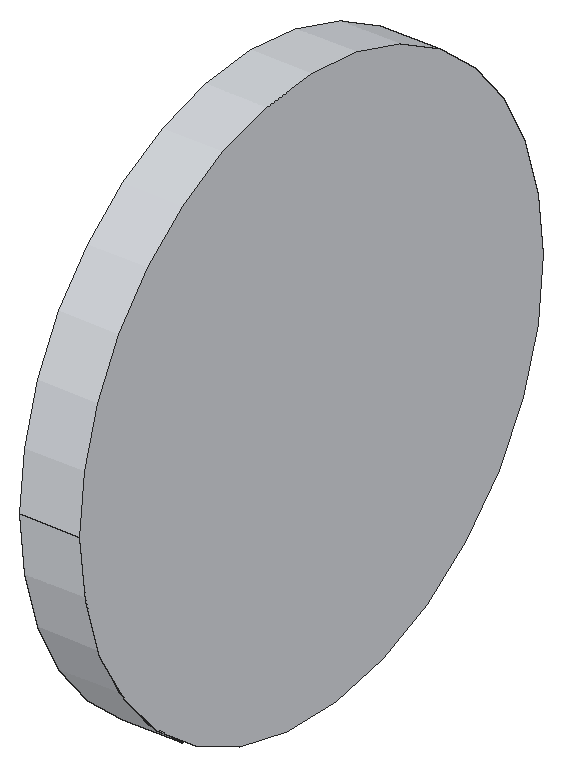
Revit family "77ea37b5e5ec40e5b5466f0ed6518568", category Pipe Fittings, Revit 2021
Family settings
  Round Connector Dimension = Use Radius
  Part Type = Flange
  OmniClass Number = 23.60.30.11.14
  OmniClass Title = Pipework Fittings
  Seek Item ID = Flange - Threaded - GI - Class 250-0000-USA-ENU
  Work Plane-Based = No
  Always vertical = Yes
  Cut with Voids When Loaded = No
  Shared = No
Parameters (values of type "Standard")
  Tick Size [instance] = Flange Diameter * 0.4  # 3.6000"
  Nominal Radius [instance] = 2.0000"
  Nominal Diameter [instance] = Nominal Radius * 2  # 4.0000"
  Loss Method = Not Defined
  Lookup Table Name = "Flange - Hub - Steel - Class 275"
  Length [instance] = size_lookup(Lookup Table Name, "Lgt", 0.05 * Nominal Diameter + 1.7800", Nominal Diameter)  # 1.3120"
  Hub Radius [instance] = Hub Diameter / 2  # 2.6560"
  Hub Diameter [instance] = size_lookup(Lookup Table Name, "HDia", 1.07 * Nominal Diameter + 0.9900", Nominal Diameter)  # 5.3120"
  Flange Thickness [instance] = size_lookup(Lookup Table Name, "FThk", 0.04 * Nominal Diameter + 0.9200", Nominal Diameter)  # 0.9380"
  Flange Radius [instance] = Flange Diameter / 2  # 4.5000"
  Flange Diameter [instance] = size_lookup(Lookup Table Name, "FDia", 1.13 * Nominal Diameter + 4.9100", Nominal Diameter)  # 9.0000"
  Default Elevation = 0.0000"
Reference planes (in)
  plane 1 "Center (Front/Back)": y = 0
  plane 2: z = 0
  plane 3 "Center (Left/Right)": x = 0
  plane 4: y = 3.6
  plane 5: y = -3.6
  plane 6: x = 0.374
  plane 7: x = 1.312
Forms (in)
  Extrusion 1, solid, detail levels fine
    sketch origin (0, 0, 0) x (0, 1, 0) y (0, 0, 1)
      loop
        circle (0, 0) r 4.5
    from 0.374 to 1.312
  Extrusion 2, solid, detail levels fine
    sketch origin (0, 0, 0) x (0, 1, 0) y (0, 0, 1)
      loop
        circle (0, 0) r 2.656
    from 0 to 0.374
Lines and regions (in)
  model lines, detail levels coarse+medium
    curve 1: line (0.374, 3.6, 0) -> (0.374, -3.6, 0)
  model lines, style "PipeFitting", detail levels coarse+medium
    curve 2: line (1.312, 0, 0) -> (0, 0, 0)
Dimensions and locks (in)
  equal spacing: plane 4, plane 1 "Center (Front/Back)", plane 5
  "Tick Size": plane 4 to plane 1 "Center (Front/Back)"
  "Length": plane 3 "Center (Left/Right)" to plane 7
  "Flange Thickness": plane 6 to plane 7
  "Flange Radius": radius of Extrusion 1 sketch curve
  "Hub Radius": radius of Extrusion 2 sketch curve
  aligned and locked: plane 4 to curve 1
  aligned and locked: plane 5 to curve 1
  aligned and locked: curve 1 to plane 6
  aligned and locked: plane 1 "Center (Front/Back)" to curve 2
  aligned and locked: plane 2 to Extrusion 2 sketch curve
  aligned and locked: plane 1 "Center (Front/Back)" to Extrusion 2 sketch curve
  aligned and locked: Extrusion 2 to plane 3 "Center (Left/Right)"
  aligned and locked: plane 6 to Extrusion 2
  aligned and locked: plane 7 to Extrusion 1
  aligned and locked: Extrusion 1 to plane 6
  aligned and locked: plane 7 to curve 2
  aligned and locked: plane 3 "Center (Left/Right)" to curve 2
Automatic sketch dimensions
  Extrusion 1 sketch curve to level = 0.0000"
  Extrusion 1 sketch curve to plane 1 "Center (Front/Back)" = 0.0000"
Connectors (in)
  piping at (0, 0, 0), diameter 4, driven by "Nominal Radius"
    settings: on Extrusion 2, index 1, connector inside diameter 4.0000", connector length 0.0000", flow factor 0, pipe flow 0 GPM, pressure drop 0.00 psi, fitting loss kfactor 0, connector angle 0.00°, fixture units 0, engagement length 0.0000", angle of deflection 0.00°, flow configuration 0, flow direction 0, fitting loss method 0, system type 28, joint type 0, gender type 0, connector reference index 2, connector utility 0, adjustable connector no, is connector primary yes, connector description ""
  piping at (1.312, 0, 0), diameter 4, driven by "Nominal Radius"
    settings: on Extrusion 1, index 2, connector inside diameter 4.0000", connector length 0.0000", flow factor 0, pipe flow 0 GPM, pressure drop 0.00 psi, fitting loss kfactor 0, connector angle 0.00°, fixture units 0, engagement length 0.0000", angle of deflection 0.00°, flow configuration 0, flow direction 0, fitting loss method 0, system type 28, joint type 0, gender type 0, connector reference index 1, connector utility 0, adjustable connector no, is connector primary no, connector description ""
